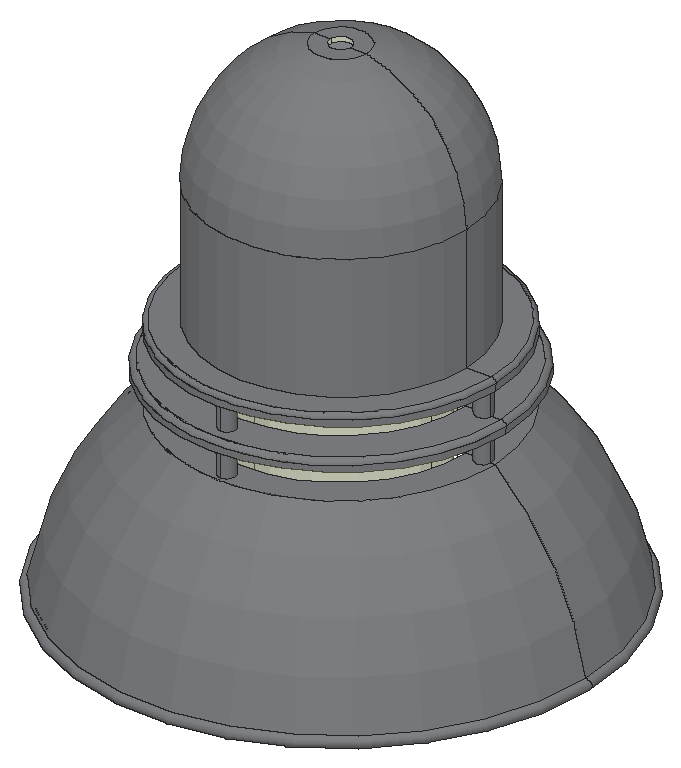
Revit family "UDR212 SHADE", category Lighting Fixtures, Revit 2024
Family settings
  Round Connector Dimension = Use Diameter
  Part Type = Normal
  OmniClass Number = 23.80.70.00
  OmniClass Title = Lighting
  Work Plane-Based = No
  Always vertical = Yes
  Cut with Voids When Loaded = No
  Light Source = Yes
  Maintain Annotation Orientation = No
  Shared = No
  Room Calculation Point = No
Parameters
  Wattage = 12.1178 W
  built-in parameter 1150110 = 1 (stored number, unit not read)
  built-in parameter 1114217 = 1 (stored number, unit not read)
  built-in parameter 1150109 = 1 (stored number, unit not read)
  built-in parameter 1150134 = (empty or 0)
  built-in parameter 1150113 = 1 (stored number, unit not read)
  Lumens = 1800 lm
  built-in parameter 1150115 = 1 (stored number, unit not read)
  built-in parameter 1150105 = 572.96 (stored number, unit not read)
  Light Source Symbol Size = 2' - 0"
  built-in parameter 1150137 = (empty or 0)
  built-in parameter 1150139 = (empty or 0)
  built-in parameter 1150112 = 1 (stored number, unit not read)
  built-in parameter 1150114 = 1 (stored number, unit not read)
  built-in parameter 1150132 = 2
  built-in parameter 1150102 = (empty or 0)
  built-in parameter 1150138 = (empty or 0)
  built-in parameter 1150107 = 3000 (stored number, unit not read)
  built-in parameter 1150106 = 5.7296 (stored number, unit not read)
  built-in parameter 1150104 = 13.8 (stored number, unit not read)
  Dimming Lamp Color Temperature Shift = (empty or 0)
  Default Elevation = 0' - 0"
  Color Filter = 16777215
  built-in parameter 1114218 = 1 (stored number, unit not read)
  built-in parameter 1150133 = 10 (stored number, unit not read)
Reference planes (in)
  plane 1 "Light Source Axis (F/B)": y = 0
  plane 2: z = 0
  plane 3 "Light Source Axis (L/R)": x = 0
  plane 4 "Light Source Elevation": z = 83.94567
Forms (in)
  Revolve 1, solid
    sketch origin (0, 0, 0) x (1, 0, 0) y (0, 0, 1)
      loop
        line (-0.25, 95.69922) -> (-0.625, 95.69922)
        arc (-0.625, 95.69922) -> (-2.33156, 94.65263) -> (-2.9996, 92.76545) r 2.9996
        line (-2.9996, 92.76545) -> (-2.9996, 89.82763) -> (-3.59784, 89.82763)
        arc (-3.59784, 89.82763) -> (-3.66855, 89.79834) -> (-3.69784, 89.72763) r 0.1
        line (-3.69784, 89.72763) -> (-3.69784, 89.57763) -> (-3.60409, 89.57763) -> (-3.60409, 89.73388) -> (-2.90585, 89.73388) -> (-2.90585, 92.76545)
        arc (-2.90585, 92.76545) -> (-2.26177, 94.58984) -> (-0.61505, 95.60547) r 2.90585
        line (-0.61505, 95.60547) -> (-0.25, 95.60547) -> (-0.25, 95.69922)
      loop
        line (-2.9996, 88.99932) -> (-3.81924, 88.99932)
        arc (-3.81924, 88.99932) -> (-3.90299, 88.96884) -> (-3.94755, 88.89166) r 0.13029
        line (-3.94755, 88.89166) -> (-3.94755, 88.74932) -> (-3.8538, 88.74932) -> (-3.8538, 88.8809)
        arc (-3.8538, 88.8809) -> (-3.84047, 88.89877) -> (-3.81924, 88.90557) r 0.03654
        line (-3.81924, 88.90557) -> (-2.9996, 88.90557) -> (-2.9996, 88.99932)
      loop
        line (-2.9996, 87.99932) -> (-3.69784, 87.99932)
        arc (-3.69784, 87.99932) -> (-5.09414, 86.27305) -> (-5.85497, 84.18719) r 6.75148
        arc (-5.85497, 84.18719) -> (-5.9029, 83.94675) -> (-5.76643, 84.15043) r 0.125
        arc (-5.76643, 84.15043) -> (-5.02613, 86.20276) -> (-3.66212, 87.90557) r 6.65773
        line (-3.66212, 87.90557) -> (-2.9996, 87.90557) -> (-2.9996, 87.99932)
      loop
        line (-2.17858, 90.06811) -> (-2.17858, 84.18719)
        arc (-2.17858, 84.18719) -> (-1.43585, 82.84613) -> (0, 82.3091) r 2.21382
        line (0, 82.3091) -> (0, 82.40285)
        arc (0, 82.40285) -> (-1.37211, 82.91497) -> (-2.08483, 84.19442) r 2.12007
        line (-2.08483, 84.19442) -> (-2.08483, 90.06811) -> (-2.17858, 90.06811)
      axis (0, 95.69922) -> (0, 82.3091)
    angle from 0 to 360
  Sweep 2, solid
    path origin (0, 0, 0) x (1, 0, 0) y (0, 0, 1)
      loop
        line (-3.39958, 87.99932) -> (-3.39958, 89.73388)
    profile origin (-3.39958, 0, 88.8666) x (-1, 0, 0) y (0, -1, 0)
      loop
        circle (0, 0) r 0.1875
  Sweep 3, solid
    path origin (0, 0, 0) x (0, -1, 0) y (0, 0, 1)
      loop
        line (-3.39958, 87.99932) -> (-3.39958, 89.73388)
    profile origin (0, 3.39958, 88.8666) x (0, 1, 0) y (-1, 0, 0)
      loop
        circle (0, 0) r 0.1875
  Sweep 4, solid
    path origin (0, 0, 0) x (0, 1, 0) y (0, 0, 1)
      loop
        line (-3.39958, 87.99932) -> (-3.39958, 89.73388)
    profile origin (0, -3.39958, 88.8666) x (0, -1, 0) y (1, 0, 0)
      loop
        circle (0, 0) r 0.1875
  Sweep 5, solid
    path origin (0, 0, 0) x (-1, 0, 0) y (0, 0, 1)
      loop
        line (-3.39958, 87.99932) -> (-3.39958, 89.73388)
    profile origin (3.39958, 0, 88.8666) x (1, 0, 0) y (0, 1, 0)
      loop
        circle (0, 0) r 0.1875
Dimensions and locks (in)
  aligned and locked: plane 1 "Light Source Axis (F/B)" to imposter light
  aligned and locked: plane 4 "Light Source Elevation" to imposter light
  aligned and locked: level to plane 2
